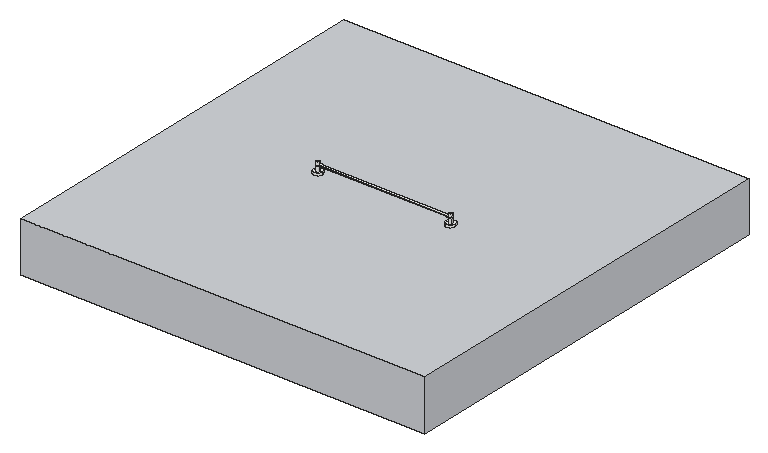
Revit family "Towel_Bar-Grohe-Essentials-40386001", category Specialty Equipment, host Face, Revit 2014
Parameters (values of type "40386001")
  Width = 31 1/2"  # constant formula
  URL = "https://www.grohe.us"
  Type Comments = ""
  Product Page URL = "https://www.grohe.us/en_us/essentials-towel-rail-40386001.html"
  Price = "Prices may vary. Please consult Manufacturer Representative for most up-to-date price list."  # constant formula
  Model = "40386001"
  Material = "Metal-Grohe-001-Chrome"
  Manufacturer = "Grohe"
  Length = 2 3/8"  # constant formula
  Installation Type = "Wall Mounted"
  Height = 2 1/8"  # constant formula
  Finish = Metal-Grohe-001-Chrome
  Description = "Essentials Towel Rail"
  Default Elevation = 40"  # constant formula
  Creation Date = "8/29/2017"  # constant formula
  Assembly Code = "C1030200"
Reference planes (in)
  plane 1 "Center (Front/Back)": y = 0
  plane 2: z = 0
  plane 3 "Center (Left/Right)": x = 0
  plane 4: x = 15.75
  plane 5: x = -15.75
  plane 6: z = 2.375
Forms (in)
  Extrusion 1, solid
    sketch origin (0, 0, 0) x (1, 0, 0) y (0, 1, 0)
      loop
        line (-48, 48) -> (-48, -48) -> (48, -48) -> (48, 48) -> (-48, 48)
    from 0 to -12
  Revolve 2, solid, material "Metal-Grohe-001-Chrome" <- "Finish"
    sketch origin (0, 0, 0) x (1, 0, 0) y (0, 0, 1)
      loop
        line (-14.68734, 0.3937) -> (-15.40006, 0.3937) -> (-15.40006, 1.69283) -> (-15.4346, 1.69283) -> (-15.4346, 1.73267) -> (-15.40003, 1.73267) -> (-15.40003, 1.81094) -> (-15.4346, 1.81094) -> (-15.4346, 1.85031) -> (-15.40006, 1.85031) -> (-15.40006, 2.36107) -> (-15.75, 2.36107) -> (-15.75, 0) -> (-14.68734, 0) -> (-14.68734, 0.3937)
      axis (-15.75, 2.36107) -> (-15.75, 0)
    angle from 0 to 360
  Revolve 3, solid, material "Metal-Grohe-001-Chrome" <- "Finish"
    sketch origin (0, 0, 0) x (-1, 0, 0) y (0, 0, 1)
      loop
        line (-14.68734, 0.3937) -> (-15.40006, 0.3937) -> (-15.40006, 1.69283) -> (-15.4346, 1.69283) -> (-15.4346, 1.73267) -> (-15.40003, 1.73267) -> (-15.40003, 1.81094) -> (-15.4346, 1.81094) -> (-15.4346, 1.85031) -> (-15.40006, 1.85031) -> (-15.40006, 2.36107) -> (-15.75, 2.36107) -> (-15.75, 0) -> (-14.68734, 0) -> (-14.68734, 0.3937)
      axis (-15.75, 2.36107) -> (-15.75, 0)
    angle from 0 to 360
  Extrusion 4, solid, material "Metal-Grohe-001-Chrome" <- "Finish"
    sketch origin (0, 0, 0) x (0, 1, 0) y (0, 0, 1)
      loop
        circle (0, 1.76903) r 0.23801
    from -15.75 to 15.75
Cuts and joins
  joined: Revolve 2, Revolve 3, Extrusion 4
Lines and regions (in)
  Masking region 1
    outline origin (0, 0, 0) x (1, 0, 0) y (0, 0, 1)
      loop
        line (16.09994, 1.69283) -> (16.0654, 1.69283) -> (16.0654, 1.73267) -> (16.09997, 1.73267) -> (16.09997, 1.81094) -> (16.0654, 1.81094) -> (16.0654, 1.85031) -> (16.09994, 1.85031) -> (16.09994, 2.36107) -> (15.40006, 2.36107) -> (15.40006, 2.00695) -> (-15.40006, 2.00695) -> (-15.40006, 2.36107) -> (-16.09994, 2.36107) -> (-16.09994, 1.85031) -> (-16.0654, 1.85031) -> (-16.0654, 1.81094) -> (-16.09997, 1.81094) -> (-16.09997, 1.73267) -> (-16.0654, 1.73267) -> (-16.0654, 1.69283) -> (-16.09994, 1.69283) -> (-16.09994, 0.3937) -> (-16.81266, 0.3937) -> (-16.81266, 0) -> (-14.68734, 0) -> (-14.68734, 0.3937) -> (-15.40006, 0.3937) -> (-15.40006, 1.53093) -> (15.40006, 1.53093) -> (15.40006, 0.3937) -> (14.68734, 0.3937) -> (14.68734, 0) -> (16.81266, 0) -> (16.81266, 0.3937) -> (16.09994, 0.3937) -> (16.09994, 1.69283)
  symbolic lines, detail levels medium+fine
    curve 1: arc (15.40014, 0, 2.00695) -> (15.49347, 0, 1.76891) -> (15.39998, 0, 1.53093) r 0.34994
    curve 3: arc (-15.40014, 0, 2.00695) -> (-15.49347, 0, 1.76891) -> (-15.39998, 0, 1.53093) r 0.34994
  symbolic lines, style "PlumbingFixtures", detail levels fine
    curve 2: line (16.09994, 0, 0.3937) -> (15.40006, 0, 0.3937)
    curve 4: line (-16.09994, 0, 0.3937) -> (-15.40006, 0, 0.3937)
    curve 5: line (16.0654, 0, 1.69283) -> (15.48507, 0, 1.69283)
    curve 6: line (16.0654, 0, 1.73267) -> (15.49157, 0, 1.73267)
    curve 7: line (16.0654, 0, 1.81094) -> (15.49095, 0, 1.81094)
    curve 8: line (16.0654, 0, 1.85031) -> (15.4839, 0, 1.85031)
    curve 9: line (-16.0654, 0, 1.69283) -> (-15.48507, 0, 1.69283)
    curve 10: line (-16.0654, 0, 1.73267) -> (-15.49157, 0, 1.73267)
    curve 11: line (-16.0654, 0, 1.81094) -> (-15.49095, 0, 1.81094)
    curve 12: line (-16.0654, 0, 1.85031) -> (-15.4839, 0, 1.85031)
Dimensions and locks (in)
  equal spacing: plane 5, plane 3 "Center (Left/Right)", plane 4
  "Width": plane 5 to plane 4
  "Length": level to plane 6
  aligned and locked: plane 2 to Extrusion 1
  aligned and locked: level to Extrusion 1
  aligned and locked: Revolve 2 sketch curve to plane 5
Automatic sketch dimensions
  Extrusion 1 sketch curve to Extrusion 1 sketch curve = 96"  (x2)
  Extrusion 4 sketch curve to plane 1 "Center (Front/Back)" = 0"
  level to Extrusion 4 sketch curve = 1.76903"
  Masking region 1 sketch curve to level = 0"  (x2)
  level to Masking region 1 sketch curve = 0.3937"  (x4)
  Masking region 1 sketch curve to plane 5 = 1.06266"
  Masking region 1 sketch curve to plane 5 = 0.34997"
  Masking region 1 sketch curve to plane 5 = 0.34994"  (x2)
  Masking region 1 sketch curve to Masking region 1 sketch curve = 0.03457"  (x3)
  plane 5 to Masking region 1 sketch curve = 0.34994"  (x2)
  Masking region 1 sketch curve to Masking region 1 sketch curve = 0.71272"  (x2)
  plane 4 to Masking region 1 sketch curve = 1.06266"
  plane 4 to Masking region 1 sketch curve = 0.34994"  (x2)
  Masking region 1 sketch curve to plane 4 = 0.3154"
  Masking region 1 sketch curve to Masking region 1 sketch curve = 0"
  Masking region 1 sketch curve to plane 4 = 0.34994"  (x2)
  Masking region 1 sketch curve to Masking region 1 sketch curve = 1.13723"
  Masking region 1 sketch curve to Masking region 1 sketch curve = 0.16189"  (x2)
  Masking region 1 sketch curve to Masking region 1 sketch curve = 0.03984"  (x2)
  Masking region 1 sketch curve to Masking region 1 sketch curve = 0.07827"  (x2)
  Masking region 1 sketch curve to Masking region 1 sketch curve = 0.03937"  (x2)
  Masking region 1 sketch curve to Masking region 1 sketch curve = 0.47602"
  Masking region 1 sketch curve to Masking region 1 sketch curve = 0.51077"  (x2)
  plane 5 to curve 3 = 0.60648"
  plane 4 to curve 1 = 0.60648"
  level to curve 1 = 1.76903"
  level to curve 3 = 1.76903"
  curve 3 to curve 3 = 0.25645"
  plane 5 to curve 4 = 0.34994"
  plane 5 to curve 3 = 0.34986"
  curve 12 to curve 3 = 0.08376"
  curve 9 to curve 12 = 0.00117"
  curve 11 to curve 12 = 0.00705"
  curve 10 to curve 9 = 0.0065"
  curve 9 to plane 5 = 0.3154"
  curve 11 to curve 9 = 0"
  curve 10 to curve 9 = 0"
  curve 12 to curve 11 = 0"
  curve 4 to plane 5 = 0.34994"
  curve 1 to curve 1 = 0.25645"
  plane 4 to curve 2 = 0.34994"
  plane 4 to curve 1 = 0.34986"
  curve 1 to curve 8 = 0.08376"
  curve 8 to curve 5 = 0.00117"
  curve 8 to curve 7 = 0.00705"
  curve 5 to curve 6 = 0.0065"
  curve 8 to plane 4 = 0.3154"
  curve 8 to curve 5 = 0"
  curve 6 to curve 5 = 0"
  curve 8 to curve 7 = 0"
  curve 2 to plane 4 = 0.34994"
  curve 10 to curve 3 = 0.03636"
  curve 6 to curve 1 = 0.03636"
  level to curve 2 = 0.3937"
  level to curve 4 = 0.3937"
  Revolve 2 sketch curve to plane 5 = 0"
  Revolve 2 sketch curve to level = 0"
  plane 5 to Revolve 2 sketch curve = 0.3154"
  Revolve 2 sketch curve to Revolve 2 sketch curve = 0"
  Revolve 2 sketch curve to Revolve 2 sketch curve = 0.03454"
  plane 5 to Revolve 2 sketch curve = 0.34994"
  Revolve 2 sketch curve to Revolve 2 sketch curve = 0.03457"
  Revolve 2 sketch curve to Revolve 2 sketch curve = 0.71272"
  level to Revolve 2 sketch curve = 0.3937"
  Revolve 2 sketch curve to Revolve 2 sketch curve = 1.29913"
  Revolve 2 sketch curve to Revolve 2 sketch curve = 0.03984"
  Revolve 2 sketch curve to Revolve 2 sketch curve = 0.07827"
  Revolve 2 sketch curve to Revolve 2 sketch curve = 0.03937"
  Revolve 2 sketch curve to Revolve 2 sketch curve = 0.51077"
  Revolve 2 sketch curve to Revolve 2 sketch curve = 2.02838"
  Revolve 2 sketch curve to Revolve 2 sketch curve = 0.31201"
  plane 4 to Revolve 3 sketch curve = 0"  (x2)
  Revolve 3 sketch curve to level = 0"
  Revolve 3 sketch curve to plane 4 = 0.3154"
  Revolve 3 sketch curve to Revolve 3 sketch curve = 0"
  Revolve 3 sketch curve to Revolve 3 sketch curve = 0.03454"
  Revolve 3 sketch curve to plane 4 = 0.34994"
  Revolve 3 sketch curve to Revolve 3 sketch curve = 0.03457"
  Revolve 3 sketch curve to Revolve 3 sketch curve = 0.71272"
  Revolve 3 sketch curve to Revolve 3 sketch curve = 0.3937"
  Revolve 3 sketch curve to Revolve 3 sketch curve = 1.29913"
  Revolve 3 sketch curve to Revolve 3 sketch curve = 0.03984"
  Revolve 3 sketch curve to Revolve 3 sketch curve = 0.07827"
  Revolve 3 sketch curve to Revolve 3 sketch curve = 0.03937"
  Revolve 3 sketch curve to Revolve 3 sketch curve = 0.51077"
  Revolve 3 sketch curve to Revolve 3 sketch curve = 2.02838"
  Revolve 3 sketch curve to Revolve 3 sketch curve = 0.31201"
  radius of Extrusion 4 sketch curve = 0.23801"
